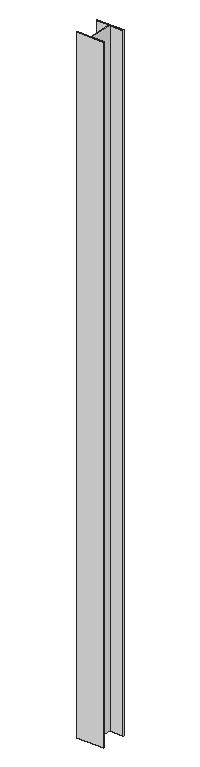
Revit family
Parameters (values of type "HP250X62")
  tw = 10.5 mm
  tf = 10.5 mm
  k = 28 mm
  d = 246 mm
  bf = 256 mm
  W = 0.613
  최소 내포 = 150 mm
  파일 재료 [instance] = 금속 - 스틸 - 345 MPa
  Depth = 6000 mm
  Assembly Code = "A1020140"
  A = 0.008 m²
Types (11, lengths in mm): name | tw | tf | k | d | bf | W | A
  HP200X53 | 11.3 | 11.3 | 29 | 204 | 207 | 0.525 | 0.007 m²
  HP250X62 | 10.5 | 10.5 | 28 | 246 | 256 | 0.613 | 0.008 m²
  HP250X85 | 14.4 | 14.4 | 32 | 254 | 260 | 0.832 | 0.011 m²
  HP310X79 | 11 | 11 | 28 | 299 | 306 | 0.773 | 0.01 m²
  HP310X93 | 13.1 | 13.1 | 30 | 303 | 308 | 0.919 | 0.012 m²
  HP310X110 | 15.4 | 15.4 | 33 | 308 | 310 | 1.08 | 0.014 m²
  HP310X125 | 17.4 | 17.4 | 35 | 312 | 312 | 1.23 | 0.016 m²
  HP360X108 | 12.8 | 12.8 | 30 | 346 | 370 | 1.07 | 0.014 m²
  HP360X132 | 15.6 | 15.6 | 33 | 351 | 373 | 1.3 | 0.017 m²
  HP360X152 | 17.9 | 17.9 | 35 | 356 | 376 | 1.49 | 0.019 m²
  HP360X174 | 20.4 | 20.4 | 38 | 361 | 378 | 1.71 | 0.022 m²
Reference planes
  plane 1 "중심(앞/뒤)": y = 0
  plane 2: z = 0
  plane 3 "중심(왼쪽/오른쪽)": x = 0
  plane 4: z = -6000
  plane 5: z = 150
Forms (mm)
  Sweep 1, solid, material "금속 - 스틸 - 345 MPa" <- "파일 재료"
    path origin (0, 0, 0) x (1, 0, 0) y (0, 0, 1)
      loop
        line (0, 150) -> (0, -6000)
    profile "HP-내력 파일-프로파일-중간 : HP-내력 파일-프로파일-중간" origin (0, 0, -2925) x (1, 0, 0) y (0, -1, 0)
      loop
        line (-128, -123) -> (128, -123) -> (128, -112.5) -> (5.25, -112.5) -> (5.25, 112.5) -> (128, 112.5) -> (128, 123) -> (-128, 123) -> (-128, 112.5) -> (-5.25, 112.5) -> (-5.25, -112.5) -> (-128, -112.5) -> (-128, -123)
Dimensions and locks
  "Depth": plane 2 to plane 4
  "최소 내포": plane 5 to plane 2
  aligned and locked: plane 5 to Sweep 1 sketch curve
  aligned and locked: plane 4 to Sweep 1 sketch curve
  aligned and locked: Sweep 1 sketch curve to plane 3 "중심(왼쪽/오른쪽)"
